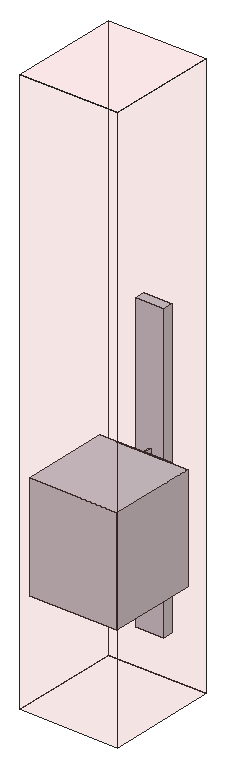
Revit family "Dumbwaiter_RES_NationwideLifts_Jeeves-EconoLift", category Generic Models, host Face, Revit 2026
Family settings
  Host = Face
  Can host rebar = No
  Round Connector Dimension = Use Diameter
  Part Type = Normal
  Classification Number = 23.50.30.11
  Cut with Voids When Loaded = No
  Maintain Annotation Orientation = No
  Shared = No
  Room Calculation Point = No
Parameters (values of type "24 x 24 x 30 150 lb Opposite Side Doors")
  Warranty Duration (Years) = 0
  Unit Width = 2' - 0"
  Unit Weight [instance] = 0
  Unit Height = 2' - 6"
  Unit Depth = 2' - 0"
  URL = "http://www.elevators.com/"
  Test Data = ""
  Stops [instance] = 2
  Standards Conformance = "ASME A17.1"
  Specification = "http://www.arcat.com/sdspecs/htm04/14_20_00nwl.htm"
  SpecWizard = ""
  Show Rail Wall Reinforcement [instance] = yes
  Show Hoistway Clearance [instance] = yes
  Send Message = ""
  Sales Information = "http://www.elevators.com/contact-info/"
  Revision = "R1_2016-05"
  Rail Frame Begins Above Floor by [instance] = 1' - 0"
  Product Properties = ""
  Product Data = "http://www.arcat.com/arcatcos/cos49/arc49670.html"
  Opening Width = 2' - 7 1/2"
  Opening Depth = 2' - 4"
  Model = "Jeeves EconoLift"
  Maximum Size = "3 Stops and 35 ft of Travel"
  Manufacturer Website = "http://www.elevators.com/"
  Manufacturer Phone - Toll Free = "888-323-8755"
  Manufacturer Phone = ""
  Manufacturer Fax = ""
  Manufacturer Address = "10-B Holden Ave.  Queensbury, NY 12804"
  Manufacturer = "Nationwide Lifts, Inc."
  Maintenance Schedule (Months) = 0
  Lift Travel Speed = "30 fpm"
  Keynote = "14 20 00"
  Installation-Fabrication = ""
  Installation Phase = ""
  Hoistway Height [instance] = 13' - 6.03823"
  Height of Rail Frame [instance] = 7' - 0"
  Green Building-LEED = ""
  Glazing Tint [instance] = Plastic - Acrylic - Clear
  Frame Finish [instance] = Metal - Steel - Powdercoat as Specified
  Floor Finish [instance] = Metal - Steel - Powdercoat as Specified
  Expected Lifespan (Years) = 0
  Dumbwaiter Location [instance] = 1' - 5"
  Drawn By = "Sumex Design, Inc. / Robert S. Weygant, CSI, CDT, SCIP"
  Description = "Nationwide Lifts Residential Dumbwaiter - Jeeves EconoLift as Specified"
  Default Elevation = 0' - 0"  # constant formula
  Copyright = "©Arcat Inc."
  Construction Details = ""
  Clearance Material [instance] = ARCAT Clearance
  Capacity = "150 lbs"
  Building Codes = ""
  Assembly Code = "D1010100"
Types (8): name | Unit Width | Unit Depth | Opening Width | Opening Depth | Capacity
  24 x 24 x 30 150 lb Opposite Side Doors | 2' - 0" | 2' - 0" | 2' - 7 1/2" | 2' - 4" | "150 lbs"
  24 x 24 x 30 100 lb Opposite Side Doors | 2' - 0" | 2' - 0" | 2' - 7 1/2" | 2' - 4" | "100 lbs"
  20 x 20 x 30 150 lb Opposite Side Doors | 1' - 8" | 1' - 8" | 2' - 3 1/2" | 2' - 0" | "150 lbs"
  20 x 20 x 30 100 lb Opposite Side Doors | 1' - 8" | 1' - 8" | 2' - 3 1/2" | 2' - 0" | "100 lbs"
  24 x 24 x 30 150 lb Same Side Doors | 2' - 0" | 2' - 0" | 2' - 7 1/2" | 2' - 4" | "150 lbs"
  24 x 24 x 30 100 lb Same Side Doors | 2' - 0" | 2' - 0" | 2' - 7 1/2" | 2' - 4" | "100 lbs"
  20 x 20 x 30 150 lb Same Side Doors | 1' - 8" | 1' - 8" | 2' - 3 1/2" | 2' - 0" | "150 lbs"
  20 x 20 x 30 100 lb Same Side Doors | 1' - 8" | 1' - 8" | 2' - 3 1/2" | 2' - 0" | "100 lbs"
Reference planes (in)
  plane 1 "Center (Front/Back)": y = 0
  plane 2: z = 0
  plane 3 "Center (Left/Right)": x = 0
  plane 4: y = 15.75
  plane 5: y = -15.75
  plane 6: x = -14
  plane 7: x = 14
  plane 8: z = 12
  plane 9: z = 96
  plane 10: z = 162.03823
  plane 11: y = 10.75
  plane 12: y = -14.25
  plane 13: x = -12.5
  plane 14: x = 12.5
  plane 15: z = 29
Forms (in)
  Extrusion 1, solid, material "ARCAT Clearance" <- "Clearance Material", visible <- "Show Hoistway Clearance"
    sketch origin (0, 0, 0) x (1, 0, 0) y (0, 1, 0)
      loop
        line (-14, 15.75) -> (-14, -15.75) -> (14, -15.75) -> (14, 15.75) -> (-14, 15.75)
    from 0 to 162.03823
  Extrusion 2, solid
    sketch origin (0, 0, 0) x (1, 0, 0) y (0, 1, 0)
      loop
        line (4, 15.75) -> (-4, 15.75) -> (-4, 13) -> (4, 13) -> (4, 15.75)
    from 12 to 96
  Extrusion 3, solid
    sketch origin (-19.34683, -180, 29) x (-1, 0, 0) y (0, -1, 0)
      loop
        line (-6.84683, -190.75) -> (-6.84683, -165.75) -> (-31.84683, -165.75) -> (-31.84683, -190.75) -> (-6.84683, -190.75)
    from 0 to 30 <- "Unit Height"
  Extrusion 4, solid
    sketch origin (-19.34683, -180, 29) x (-1, 0, 0) y (0, -1, 0)
      loop
        line (-27.09683, -190.75) -> (-27.09683, -191) -> (-19.59683, -191) -> (-19.59683, -193) -> (-19.09683, -193) -> (-19.09683, -191) -> (-11.84683, -191) -> (-11.84683, -190.75) -> (-27.09683, -190.75)
    from 0 to 30 <- "Unit Height"
Dimensions and locks (in)
  "Rail Frame Begins Above Floor by": plane 8 to level
  equal spacing: plane 4, plane 1 "Center (Front/Back)", plane 5
  "Opening Width": plane 4 to plane 5
  equal spacing: plane 6, plane 3 "Center (Left/Right)", plane 7
  "Opening Depth": plane 6 to plane 7
  "Height of Rail Frame": plane 9 to plane 8
  "Hoistway Height": plane 10 to level
  locked: plane 4 to plane 11 at 5
  locked: plane 6 to plane 13 at 1.5
  locked: plane 14 to plane 7 at 1.5
  locked: plane 12 to plane 5 at 1.5
  locked: plane 4 to Extrusion 2 sketch curve at 2.75
  Extrusion 2 sketch curve to plane 3 "Center (Left/Right)" to Extrusion 2 sketch curve = 0' - 4" locked, 0' - 4" locked
  "Dumbwaiter Location": plane 15 to plane 8
  aligned and locked: plane 2 to host face
  aligned and locked: level to host face
  aligned and locked: Extrusion 1 sketch curve to plane 4
  aligned and locked: plane 6 to Extrusion 1 sketch curve
  aligned and locked: Extrusion 1 sketch curve to plane 5
  aligned and locked: Extrusion 1 sketch curve to plane 7
  aligned and locked: plane 10 to Extrusion 1
  aligned and locked: plane 9 to Extrusion 2
  aligned and locked: Extrusion 2 to plane 8
  aligned and locked: Extrusion 3 sketch curve to plane 11
  aligned and locked: plane 13 to Extrusion 3 sketch curve
  aligned and locked: plane 12 to Extrusion 3 sketch curve
  aligned and locked: Extrusion 3 sketch curve to plane 14
  aligned and locked: plane 3 "Center (Left/Right)" to nested 1
  aligned and locked: nested 1 to plane 4
Automatic sketch dimensions
  host sketch curve to host sketch curve = 8' - 0"  (x2)
  Extrusion 2 sketch curve to plane 4 = 0' - 0"
  Extrusion 4 sketch curve to plane 11 = 0' - 0"
  plane 3 "Center (Left/Right)" to Extrusion 4 sketch curve = 0' - 0 1/4"
  Extrusion 4 sketch curve to plane 3 "Center (Left/Right)" = 0' - 0 1/4"
  plane 11 to Extrusion 4 sketch curve = 0' - 0 1/4"  (x2)
  Extrusion 4 sketch curve to Extrusion 4 sketch curve = 0' - 2"
  Extrusion 4 sketch curve to plane 14 = 0' - 4 3/4"
  plane 13 to Extrusion 4 sketch curve = 0' - 5"
Nested families (in)
  nested 1: "RailWallReinforcement" at (0, 15.75, 0), visible <- "Show Rail Wall Reinforcement", type "asSpecified"
Definition of nested family "RailWallReinforcement"
  Parameters
    Assembly Code = ""
  Reference planes (in)
    plane 1 "Center (Front/Back)": y = 0
    plane 2: z = 0
    plane 3 "Center (Left/Right)": x = 0
  Lines and regions (in)
    detail lines, in view "Ref. Level"
      curve 1: line (-5.625, 0, 0) -> (5.625, 0, 0)
      curve 2: line (-5.625, 0, 0) -> (-5.625, 1.5, 0)
      curve 3: line (-5.625, 1.5, 0) -> (5.625, 1.5, 0)
      curve 4: line (5.625, 1.5, 0) -> (5.625, 0, 0)
      curve 5: line (-5.625, 1.5, 0) -> (-5.625, 3, 0)
      curve 6: line (-5.625, 3, 0) -> (5.625, 3, 0)
      curve 7: line (5.625, 3, 0) -> (5.625, 1.5, 0)
      curve 8: line (5.625, 0, 0) -> (7.125, 0, 0)
      curve 9: line (7.125, 0, 0) -> (7.125, 3.5, 0)
      curve 10: line (7.125, 3.5, 0) -> (5.625, 3.5, 0)
      curve 11: line (5.625, 3.5, 0) -> (5.625, 3, 0)
      curve 12: line (-5.625, 3, 0) -> (-5.625, 3.5, 0)
      curve 13: line (-5.625, 3.5, 0) -> (-7.125, 3.5, 0)
      curve 14: line (-7.125, 3.5, 0) -> (-7.125, 0, 0)
      curve 15: line (-7.125, 0, 0) -> (-5.625, 0, 0)
      curve 16: line (-7.125, 3.5, 0) -> (-5.625, 0, 0)
      curve 17: line (-5.625, 3.5, 0) -> (-7.125, 0, 0)
      curve 18: line (-5.625, 3, 0) -> (5.625, 1.5, 0)
      curve 19: line (5.625, 3, 0) -> (-5.625, 1.5, 0)
      curve 20: line (-5.625, 1.5, 0) -> (5.625, 0, 0)
      curve 21: line (5.625, 1.5, 0) -> (-5.625, 0, 0)
      curve 22: line (5.625, 3.5, 0) -> (7.125, 0, 0)
      curve 23: line (7.125, 3.5, 0) -> (5.625, 0, 0)
